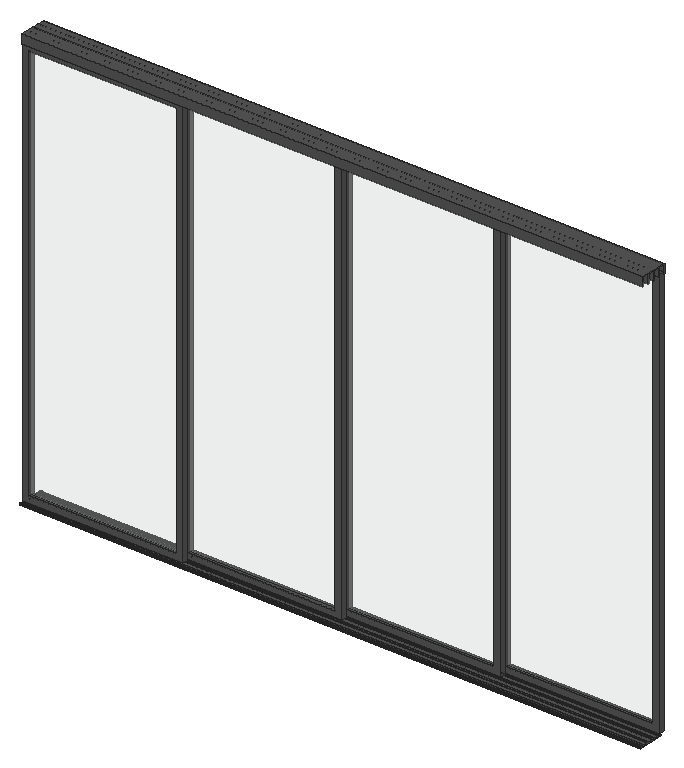
Revit family "Door_FTS RD_The Sliding Door Company_1.5F 4-Panel Quad Track (Recessed Bottom)", category Doors, host Wall, Revit 2019
Family settings
  Host = Wall
  OmniClass Number = 23.30.10.00
  OmniClass Title = Doors
  Always vertical = Yes
  Cut with Voids When Loaded = No
  Shared = No
  Room Calculation Point = No
Parameters (values of type "FTS Room Divider - 1.5F 4 Panel 4 Track - ABCD/DCBA")
  Upper Track Material [instance] = TSDC - Casing/Upper Track - Powder Coated Black
  URL = "https://www.slidingdoorco.com"
  Thickness = 1 1/4"  # constant formula
  Stile/Rail = 1 1/2"  # constant formula
  Rough Width = Finished Opening Width + 5/8" * 2  # 146 1/4"
  Rough Height = Finished Opening Height + 5/8"  # 98 5/8"
  Panel Width = Width / 4 + 1 1/8"  # 37 3/8"
  Panel Height = Height - 2 1/4"  # 96 1/8"
  Open [instance] = no
  Model = "FTS Room Divider - Full Height System"  # constant formula
  Manufacturer = "The Sliding Door Company"  # constant formula
  Limitations = "Panel Width x System Height cannot exceed 7,400 square inches"  # constant formula
  Glass Thickness = "Available in: 5mm Tempered, 7mm,10mm,11mm Laminated Glass"  # constant formula
  Glass Material [instance] = TSDC - Glass - Clear
  Function = Interior
  Height = if(Order Height > 108", 108", Order Height)  # 98 3/8"
  Wall Closure = By host
  Width = if(Finished Opening Width > 195", 195", Finished Opening Width)  # 145"
  Fire Rating = "N/A"  # constant formula
  Finished Opening Width = 145"
  Order Height = 98 3/8"
  Finished Opening Height = Order Height - 3/8"  # 98"
  Door Casing Material [instance] = TSDC - Casing/Upper Track - Powder Coated Black
  Description = "1.5 Frame 4 Panel System with 4 Track (Recessed Bottom)"  # constant formula
  Contact The Sliding Door Company = "https://www.slidingdoorco.com/contact"
  Construction Type = "Top Mounted, Recessed Bottom Track"  # constant formula
  Configuration = "ABCD/DCBA Configuration"  # constant formula
  Closed [instance] = not(Open)  # yes
  Bottom Track Material [instance] = TSDC - Bottom Track - Powder Coated Black
  Analytic Construction = "<None>"
  1 1/2" Frame (No Support Dividers) = "Max. H=108 in., Max. W=195 in. (50 in. panel width)"  # constant formula
Reference planes (in)
  plane 1 "Center (Front/Back)": y = 0
  plane 2 "Center (Left/Right)": x = 0
  plane 3 "Top": z = 98
  plane 4 "Exterior": y = 3
  plane 5 "Interior": y = -3
  plane 6: x = -72.5
  plane 7: x = 72.5
  plane 8: z = 0.625
  plane 9 "2": z = 96.375
  plane 10 "3": z = 97.25
  plane 11 "Top": z = 96
  plane 12 "2": z = 94.375
  plane 13 "3": z = 95.25
  plane 14 "Top": z = 96
  plane 15 "2": z = 94.375
  plane 16 "3": z = 95.25
  plane 17 "Top": z = 80
  plane 18: x = -50
  plane 19: x = 50
  plane 20 "2": z = 78.375
  plane 21 "3": z = 79.25
  plane 22: x = -36.25
  plane 23: x = 36.25
  plane 24: x = 35.125
  plane 25: x = 36.625
  plane 26: x = -0.75
  plane 27: x = 0.75
  plane 28: x = -36.625
  plane 29: x = -35.125
  plane 30 "4": z = 95.875
  plane 31: z = 0.25
  plane 32: z = -0.375
Forms (in)
  Extrusion 1, solid, material "TSDC - Casing/Upper Track - Powder Coated Black" <- "Upper Track Material"
    sketch origin (0, 1.4043, 0) x (0, 1, 0) y (0, 0, 1)
      loop
        line (1.74219, 98) -> (-4.55078, 98) -> (-4.55078, 95.875) -> (-4.49219, 95.875) -> (-4.49219, 97.94141) -> (-2.99219, 97.94141) -> (-2.99219, 95.875) -> (-2.93359, 95.875) -> (-2.93359, 97.94141) -> (-1.43359, 97.94141) -> (-1.43359, 95.875) -> (-1.375, 95.875) -> (-1.375, 97.94141) -> (0.125, 97.94141) -> (0.125, 95.875) -> (0.18359, 95.875) -> (0.18359, 97.94141) -> (1.68359, 97.94141) -> (1.68359, 95.875) -> (1.74219, 95.875) -> (1.74219, 98)
    from -72.5 to 72.5
  Extrusion 2, solid, material "TSDC - Casing/Upper Track - Powder Coated Black" <- "Door Casing Material", visible <- "Closed"
    sketch origin (47.66587, 2.96289, 0) x (1, 0, 0) y (0, 0, 1)
      loop
        line (24.83413, 96.375) -> (-12.54087, 96.375) -> (-12.54087, 0.25) -> (24.83413, 0.25) -> (24.83413, 96.375)
      loop
        line (23.33413, 94.875) -> (-11.04087, 94.875) -> (-11.04087, 1.75) -> (23.33413, 1.75) -> (23.33413, 94.875)
    from 0 to 1.25
  Extrusion 3, solid, material "TSDC - Glass - Clear" <- "Glass Material", visible <- "Closed"
    sketch origin (47.66587, 2.46289, 0) x (1, 0, 0) y (0, 0, 1)
      loop
        line (23.33413, 94.875) -> (-11.04087, 94.875) -> (-11.04087, 1.75) -> (23.33413, 1.75) -> (23.33413, 94.875)
    from 0 to 0.25
  Extrusion 4, solid, material "TSDC - Casing/Upper Track - Powder Coated Black", not visible
    sketch origin (0, 0.8784, 0.00198) x (0, 1, 0) y (0, 0, 1)
      loop
        line (1.17662, -0.00198) -> (1.7466, -0.00198) -> (1.7466, 0.11422) -> (1.63872, 0.16601) -> (1.5898, 0.16) -> (1.58595, 0.19134) -> (1.49638, 0.23434) -> (1.44746, 0.22833) -> (1.44362, 0.25967) -> (1.35493, 0.30224) -> (1.30601, 0.29623) -> (1.30216, 0.32757) -> (1.21825, 0.36785)
        arc (1.21825, 0.36785) -> (1.19583, 0.37043) -> (1.17662, 0.35859) r 0.03449
        line (1.17662, 0.35859) -> (1.17662, 0.26961) -> (1.14379, 0.26961) -> (1.14379, 0.30227) -> (1.11271, 0.30227) -> (1.11271, 0.05752) -> (1.14379, 0.05752) -> (1.14379, 0.08934) -> (1.17662, 0.08934) -> (1.17662, -0.00198)
      loop
        line (1.6966, 0.05) -> (1.6966, 0.08276) -> (1.2346, 0.30454) -> (1.2346, 0.05) -> (1.6966, 0.05)
    from -50 to 50
  Extrusion 5, solid, material "TSDC - Casing/Upper Track - Powder Coated Black", not visible
    sketch origin (0, 0.8784, 0.00198) x (0, 1, 0) y (0, 0, 1)
      loop
        arc (1.17662, 0.34104) -> (1.17081, 0.35508) -> (1.15677, 0.36093) r 0.01985
        line (1.15677, 0.36093) -> (1.07541, 0.36093)
        arc (1.07541, 0.36093) -> (1.06136, 0.3551) -> (1.05556, 0.34103) r 0.01985
        line (1.05556, 0.34103) -> (1.05556, 0.20299) -> (0.9831, 0.20299) -> (0.9831, 0.28602)
        arc (0.9831, 0.28602) -> (0.87384, 0.39506) -> (0.76472, 0.28588) r 0.10919
        line (0.76472, 0.28588) -> (0.82428, 0.28588)
        arc (0.82428, 0.28588) -> (0.87397, 0.3355) -> (0.92354, 0.28575) r 0.04963
        line (0.92354, 0.28575) -> (0.92354, 0.14753) -> (1.05556, 0.10767) -> (1.05556, 0.05757) -> (0.38753, 0.05757) -> (0.38753, 0.36093) -> (-0.56932, 0.36093) -> (-0.56932, 0.20299) -> (-0.64178, 0.20299) -> (-0.64178, 0.28602)
        arc (-0.64178, 0.28602) -> (-0.75104, 0.39506) -> (-0.86016, 0.28588) r 0.10919
        line (-0.86016, 0.28588) -> (-0.8006, 0.28588)
        arc (-0.8006, 0.28588) -> (-0.75091, 0.3355) -> (-0.70134, 0.28575) r 0.04963
        line (-0.70134, 0.28575) -> (-0.70134, 0.14753) -> (-0.56932, 0.10767) -> (-0.56932, 0.05757) -> (-1.23735, 0.05757) -> (-1.23735, 0.36093) -> (-2.19421, 0.36093) -> (-2.19421, 0.20299) -> (-2.26667, 0.20299) -> (-2.26667, 0.28602)
        arc (-2.26667, 0.28602) -> (-2.37592, 0.39506) -> (-2.48504, 0.28588) r 0.10919
        line (-2.48504, 0.28588) -> (-2.42548, 0.28588)
        arc (-2.42548, 0.28588) -> (-2.37579, 0.3355) -> (-2.32622, 0.28575) r 0.04963
        line (-2.32622, 0.28575) -> (-2.32622, 0.14753) -> (-2.19421, 0.10767) -> (-2.19421, 0.05757) -> (-2.86223, 0.05757) -> (-2.86223, 0.34103)
        arc (-2.86223, 0.34103) -> (-2.86803, 0.3551) -> (-2.88208, 0.36093) r 0.01985
        line (-2.88208, 0.36093) -> (-2.96344, 0.36093)
        arc (-2.96344, 0.36093) -> (-2.97751, 0.35509) -> (-2.9833, 0.341) r 0.01985
        line (-2.9833, 0.341) -> (-2.9833, 0.26961) -> (-2.95059, 0.26961) -> (-2.95059, 0.30227) -> (-2.91939, 0.30227) -> (-2.91939, 0.05752) -> (-2.95046, 0.05752) -> (-2.95046, 0.08934) -> (-2.9833, 0.08934) -> (-2.9833, -0.00198) -> (-2.13705, -0.00198) -> (-2.10598, 0.05752) -> (-2.13705, 0.05752) -> (-2.13705, 0.30227) -> (-1.29451, 0.30227) -> (-1.29451, 0.05752) -> (-1.32558, 0.05752) -> (-1.29451, -0.00198) -> (-0.51217, -0.00198) -> (-0.4811, 0.05752) -> (-0.51217, 0.05752) -> (-0.51217, 0.30227) -> (0.33038, 0.30227) -> (0.33038, 0.05752) -> (0.2993, 0.05752) -> (0.33038, -0.00198) -> (1.17662, -0.00198) -> (1.17662, 0.08934) -> (1.14379, 0.08934) -> (1.14379, 0.05752) -> (1.11271, 0.05752) -> (1.11271, 0.30227) -> (1.14379, 0.30227) -> (1.14379, 0.26961) -> (1.17662, 0.26961) -> (1.17662, 0.34104)
    from -50 to 50
  Extrusion 6, solid, material "TSDC - Casing/Upper Track - Powder Coated Black", not visible
    sketch origin (0, -0.92827, 0.00198) x (0, -1, 0) y (0, 0, -1)
      loop
        line (1.17662, 0.00198) -> (1.17662, -0.08934) -> (1.14379, -0.08934) -> (1.14379, -0.05752) -> (1.11271, -0.05752) -> (1.11271, -0.30227) -> (1.14379, -0.30227) -> (1.14379, -0.26961) -> (1.17662, -0.26961) -> (1.17662, -0.35859)
        arc (1.17662, -0.35859) -> (1.19583, -0.37043) -> (1.21825, -0.36785) r 0.03449
        line (1.21825, -0.36785) -> (1.30216, -0.32757) -> (1.30601, -0.29623) -> (1.35493, -0.30224) -> (1.44362, -0.25967) -> (1.44746, -0.22833) -> (1.49638, -0.23434) -> (1.58595, -0.19134) -> (1.5898, -0.16) -> (1.63872, -0.16601) -> (1.7466, -0.11422) -> (1.7466, 0.00198) -> (1.17662, 0.00198)
      loop
        line (1.6966, -0.05) -> (1.2346, -0.05) -> (1.2346, -0.30454) -> (1.6966, -0.08276) -> (1.6966, -0.05)
    from -50 to 50
  Extrusion 7, solid, material "TSDC - Casing/Upper Track - Powder Coated Black", not visible
    sketch origin (0, 1.25781, 0) x (0, 1, 0) y (0, 0, 1)
      loop
        line (1.74219, 96) -> (-2.99219, 96) -> (-2.99219, 93.875) -> (-2.93359, 93.875) -> (-2.93359, 95.94141) -> (-1.43359, 95.94141) -> (-1.43359, 93.875) -> (-1.375, 93.875) -> (-1.375, 95.94141) -> (0.125, 95.94141) -> (0.125, 93.875) -> (0.18359, 93.875) -> (0.18359, 95.94141) -> (1.68359, 95.94141) -> (1.68359, 93.875) -> (1.74219, 93.875) -> (1.74219, 96)
    from -50 to 50
  Extrusion 8, solid, material "TSDC - Casing/Upper Track - Powder Coated Black", visible <- "Open", not visible
    sketch origin (-18.0008, 2.81641, 0) x (1, 0, 0) y (0, 0, 1)
      loop
        line (2.33413, 94.375) -> (-31.9992, 94.375) -> (-31.9992, 0.625) -> (2.33413, 0.625) -> (2.33413, 94.375)
      loop
        line (0.83413, 92.875) -> (-30.4992, 92.875) -> (-30.4992, 2.125) -> (0.83413, 2.125) -> (0.83413, 92.875)
    from 0 to 1.25
  Extrusion 9, solid, material "TSDC - Glass - Clear", visible <- "Open", not visible
    sketch origin (-18.0008, 2.31641, 0) x (1, 0, 0) y (0, 0, 1)
      loop
        line (0.83413, 92.875) -> (-30.4992, 92.875) -> (-30.4992, 2.125) -> (0.83413, 2.125) -> (0.83413, 92.875)
    from 0 to 0.25
  Extrusion 10, solid, material "TSDC - Casing/Upper Track - Powder Coated Black", visible <- "Open", not visible
    sketch origin (-44.66746, 1.25781, 0) x (1, 0, 0) y (0, 0, 1)
      loop
        line (29.0008, 94.375) -> (-5.33254, 94.375) -> (-5.33254, 0.625) -> (29.0008, 0.625) -> (29.0008, 94.375)
      loop
        line (27.5008, 92.875) -> (-3.83254, 92.875) -> (-3.83254, 2.125) -> (27.5008, 2.125) -> (27.5008, 92.875)
    from 0 to 1.25
  Extrusion 11, solid, material "TSDC - Glass - Clear", visible <- "Open", not visible
    sketch origin (-44.66746, 0.75781, 0) x (1, 0, 0) y (0, 0, 1)
      loop
        line (27.5008, 92.875) -> (-3.83254, 92.875) -> (-3.83254, 2.125) -> (27.5008, 2.125) -> (27.5008, 92.875)
    from 0 to 0.25
  Extrusion 12, solid, material "TSDC - Casing/Upper Track - Powder Coated Black", visible <- "Open", not visible
    sketch origin (-71.33413, -0.30078, 0) x (1, 0, 0) y (0, 0, 1)
      loop
        line (55.66746, 94.375) -> (21.33413, 94.375) -> (21.33413, 0.625) -> (55.66746, 0.625) -> (55.66746, 94.375)
      loop
        line (54.16746, 92.875) -> (22.83413, 92.875) -> (22.83413, 2.125) -> (54.16746, 2.125) -> (54.16746, 92.875)
    from 0 to 1.25
  Extrusion 13, solid, material "TSDC - Glass - Clear", visible <- "Open", not visible
    sketch origin (-71.33413, -0.80078, 0) x (1, 0, 0) y (0, 0, 1)
      loop
        line (54.16746, 92.875) -> (22.83413, 92.875) -> (22.83413, 2.125) -> (54.16746, 2.125) -> (54.16746, 92.875)
    from 0 to 0.25
  Extrusion 14, solid, material "TSDC - Casing/Upper Track - Powder Coated Black", visible <- "Closed", not visible
    sketch origin (-11.83413, 1.25781, 0) x (1, 0, 0) y (0, 0, 1)
      loop
        line (29.0008, 94.375) -> (-5.33254, 94.375) -> (-5.33254, 0.625) -> (29.0008, 0.625) -> (29.0008, 94.375)
      loop
        line (27.5008, 92.875) -> (-3.83254, 92.875) -> (-3.83254, 2.125) -> (27.5008, 2.125) -> (27.5008, 92.875)
    from 0 to 1.25
  Extrusion 15, solid, material "TSDC - Glass - Clear", visible <- "Closed", not visible
    sketch origin (-11.83413, 0.75781, 0) x (1, 0, 0) y (0, 0, 1)
      loop
        line (27.5008, 92.875) -> (-3.83254, 92.875) -> (-3.83254, 2.125) -> (27.5008, 2.125) -> (27.5008, 92.875)
    from 0 to 0.25
  Extrusion 16, solid, material "TSDC - Casing/Upper Track - Powder Coated Black", visible <- "Closed", not visible
    sketch origin (47.66587, 2.81641, 0) x (1, 0, 0) y (0, 0, 1)
      loop
        line (2.33413, 94.375) -> (-31.9992, 94.375) -> (-31.9992, 0.625) -> (2.33413, 0.625) -> (2.33413, 94.375)
      loop
        line (0.83413, 92.875) -> (-30.4992, 92.875) -> (-30.4992, 2.125) -> (0.83413, 2.125) -> (0.83413, 92.875)
    from 0 to 1.25
  Extrusion 17, solid, material "TSDC - Glass - Clear", visible <- "Closed", not visible
    sketch origin (47.66587, 2.31641, 0) x (1, 0, 0) y (0, 0, 1)
      loop
        line (0.83413, 92.875) -> (-30.4992, 92.875) -> (-30.4992, 2.125) -> (0.83413, 2.125) -> (0.83413, 92.875)
    from 0 to 0.25
  Extrusion 18, solid, material "TSDC - Casing/Upper Track - Powder Coated Black", visible <- "Closed", not visible
    sketch origin (-71.33413, -0.30078, 0) x (1, 0, 0) y (0, 0, 1)
      loop
        line (55.66746, 94.375) -> (21.33413, 94.375) -> (21.33413, 0.625) -> (55.66746, 0.625) -> (55.66746, 94.375)
      loop
        line (54.16746, 92.875) -> (22.83413, 92.875) -> (22.83413, 2.125) -> (54.16746, 2.125) -> (54.16746, 92.875)
    from 0 to 1.25
  Extrusion 19, solid, material "TSDC - Glass - Clear", visible <- "Closed", not visible
    sketch origin (-71.33413, -0.80078, 0) x (1, 0, 0) y (0, 0, 1)
      loop
        line (54.16746, 92.875) -> (22.83413, 92.875) -> (22.83413, 2.125) -> (54.16746, 2.125) -> (54.16746, 92.875)
    from 0 to 0.25
  Extrusion 20, solid, material "TSDC - Casing/Upper Track - Powder Coated Black", not visible
    sketch origin (0, 1.25781, 0) x (0, 1, 0) y (0, 0, 1)
      loop
        line (1.74219, 96) -> (-2.99219, 96) -> (-2.99219, 93.875) -> (-2.93359, 93.875) -> (-2.93359, 95.94141) -> (-1.43359, 95.94141) -> (-1.43359, 93.875) -> (-1.375, 93.875) -> (-1.375, 95.94141) -> (0.125, 95.94141) -> (0.125, 93.875) -> (0.18359, 93.875) -> (0.18359, 95.94141) -> (1.68359, 95.94141) -> (1.68359, 93.875) -> (1.74219, 93.875) -> (1.74219, 96)
    from -50 to 50
  Extrusion 21, solid, material "TSDC - Casing/Upper Track - Powder Coated Black", not visible
    sketch origin (0, 1.25781, 0) x (0, 1, 0) y (0, 0, 1)
      loop
        line (1.74219, 96) -> (-2.99219, 96) -> (-2.99219, 93.875) -> (-2.93359, 93.875) -> (-2.93359, 95.94141) -> (-1.43359, 95.94141) -> (-1.43359, 93.875) -> (-1.375, 93.875) -> (-1.375, 95.94141) -> (0.125, 95.94141) -> (0.125, 93.875) -> (0.18359, 93.875) -> (0.18359, 95.94141) -> (1.68359, 95.94141) -> (1.68359, 93.875) -> (1.74219, 93.875) -> (1.74219, 96)
    from -50 to 50
  Extrusion 22, solid, material "TSDC - Casing/Upper Track - Powder Coated Black", not visible
    sketch origin (0, 1.25781, 0) x (0, 1, 0) y (0, 0, 1)
      loop
        line (1.74219, 96) -> (-2.99219, 96) -> (-2.99219, 93.875) -> (-2.93359, 93.875) -> (-2.93359, 95.94141) -> (-1.43359, 95.94141) -> (-1.43359, 93.875) -> (-1.375, 93.875) -> (-1.375, 95.94141) -> (0.125, 95.94141) -> (0.125, 93.875) -> (0.18359, 93.875) -> (0.18359, 95.94141) -> (1.68359, 95.94141) -> (1.68359, 93.875) -> (1.74219, 93.875) -> (1.74219, 96)
    from -50 to 50
  Extrusion 23, solid, material "TSDC - Casing/Upper Track - Powder Coated Black", not visible
    sketch origin (0, 0.8784, 0.00198) x (0, 1, 0) y (0, 0, 1)
      loop
        line (1.17662, -0.00198) -> (1.7466, -0.00198) -> (1.7466, 0.11422) -> (1.63872, 0.16601) -> (1.5898, 0.16) -> (1.58595, 0.19134) -> (1.49638, 0.23434) -> (1.44746, 0.22833) -> (1.44362, 0.25967) -> (1.35493, 0.30224) -> (1.30601, 0.29623) -> (1.30216, 0.32757) -> (1.21825, 0.36785)
        arc (1.21825, 0.36785) -> (1.19583, 0.37043) -> (1.17662, 0.35859) r 0.03449
        line (1.17662, 0.35859) -> (1.17662, 0.26961) -> (1.14379, 0.26961) -> (1.14379, 0.30227) -> (1.11271, 0.30227) -> (1.11271, 0.05752) -> (1.14379, 0.05752) -> (1.14379, 0.08934) -> (1.17662, 0.08934) -> (1.17662, -0.00198)
      loop
        line (1.6966, 0.05) -> (1.6966, 0.08276) -> (1.2346, 0.30454) -> (1.2346, 0.05) -> (1.6966, 0.05)
    from -50 to 50
  Extrusion 24, solid, material "TSDC - Casing/Upper Track - Powder Coated Black", not visible
    sketch origin (0, 0.8784, 0.00198) x (0, 1, 0) y (0, 0, 1)
      loop
        arc (1.17662, 0.34104) -> (1.17081, 0.35508) -> (1.15677, 0.36093) r 0.01985
        line (1.15677, 0.36093) -> (1.07541, 0.36093)
        arc (1.07541, 0.36093) -> (1.06136, 0.3551) -> (1.05556, 0.34103) r 0.01985
        line (1.05556, 0.34103) -> (1.05556, 0.20299) -> (0.9831, 0.20299) -> (0.9831, 0.28602)
        arc (0.9831, 0.28602) -> (0.87384, 0.39506) -> (0.76472, 0.28588) r 0.10919
        line (0.76472, 0.28588) -> (0.82428, 0.28588)
        arc (0.82428, 0.28588) -> (0.87397, 0.3355) -> (0.92354, 0.28575) r 0.04963
        line (0.92354, 0.28575) -> (0.92354, 0.14753) -> (1.05556, 0.10767) -> (1.05556, 0.05757) -> (0.38753, 0.05757) -> (0.38753, 0.36093) -> (-0.56932, 0.36093) -> (-0.56932, 0.20299) -> (-0.64178, 0.20299) -> (-0.64178, 0.28602)
        arc (-0.64178, 0.28602) -> (-0.75104, 0.39506) -> (-0.86016, 0.28588) r 0.10919
        line (-0.86016, 0.28588) -> (-0.8006, 0.28588)
        arc (-0.8006, 0.28588) -> (-0.75091, 0.3355) -> (-0.70134, 0.28575) r 0.04963
        line (-0.70134, 0.28575) -> (-0.70134, 0.14753) -> (-0.56932, 0.10767) -> (-0.56932, 0.05757) -> (-1.23735, 0.05757) -> (-1.23735, 0.36093) -> (-2.19421, 0.36093) -> (-2.19421, 0.20299) -> (-2.26667, 0.20299) -> (-2.26667, 0.28602)
        arc (-2.26667, 0.28602) -> (-2.37592, 0.39506) -> (-2.48504, 0.28588) r 0.10919
        line (-2.48504, 0.28588) -> (-2.42548, 0.28588)
        arc (-2.42548, 0.28588) -> (-2.37579, 0.3355) -> (-2.32622, 0.28575) r 0.04963
        line (-2.32622, 0.28575) -> (-2.32622, 0.14753) -> (-2.19421, 0.10767) -> (-2.19421, 0.05757) -> (-2.86223, 0.05757) -> (-2.86223, 0.34103)
        arc (-2.86223, 0.34103) -> (-2.86803, 0.3551) -> (-2.88208, 0.36093) r 0.01985
        line (-2.88208, 0.36093) -> (-2.96344, 0.36093)
        arc (-2.96344, 0.36093) -> (-2.97751, 0.35509) -> (-2.9833, 0.341) r 0.01985
        line (-2.9833, 0.341) -> (-2.9833, 0.26961) -> (-2.95059, 0.26961) -> (-2.95059, 0.30227) -> (-2.91939, 0.30227) -> (-2.91939, 0.05752) -> (-2.95046, 0.05752) -> (-2.95046, 0.08934) -> (-2.9833, 0.08934) -> (-2.9833, -0.00198) -> (-2.13705, -0.00198) -> (-2.10598, 0.05752) -> (-2.13705, 0.05752) -> (-2.13705, 0.30227) -> (-1.29451, 0.30227) -> (-1.29451, 0.05752) -> (-1.32558, 0.05752) -> (-1.29451, -0.00198) -> (-0.51217, -0.00198) -> (-0.4811, 0.05752) -> (-0.51217, 0.05752) -> (-0.51217, 0.30227) -> (0.33038, 0.30227) -> (0.33038, 0.05752) -> (0.2993, 0.05752) -> (0.33038, -0.00198) -> (1.17662, -0.00198) -> (1.17662, 0.08934) -> (1.14379, 0.08934) -> (1.14379, 0.05752) -> (1.11271, 0.05752) -> (1.11271, 0.30227) -> (1.14379, 0.30227) -> (1.14379, 0.26961) -> (1.17662, 0.26961) -> (1.17662, 0.34104)
    from -50 to 50
  Extrusion 25, solid, material "TSDC - Casing/Upper Track - Powder Coated Black", not visible
    sketch origin (0, -0.92827, 0.00198) x (0, -1, 0) y (0, 0, -1)
      loop
        line (1.17662, 0.00198) -> (1.17662, -0.08934) -> (1.14379, -0.08934) -> (1.14379, -0.05752) -> (1.11271, -0.05752) -> (1.11271, -0.30227) -> (1.14379, -0.30227) -> (1.14379, -0.26961) -> (1.17662, -0.26961) -> (1.17662, -0.35859)
        arc (1.17662, -0.35859) -> (1.19583, -0.37043) -> (1.21825, -0.36785) r 0.03449
        line (1.21825, -0.36785) -> (1.30216, -0.32757) -> (1.30601, -0.29623) -> (1.35493, -0.30224) -> (1.44362, -0.25967) -> (1.44746, -0.22833) -> (1.49638, -0.23434) -> (1.58595, -0.19134) -> (1.5898, -0.16) -> (1.63872, -0.16601) -> (1.7466, -0.11422) -> (1.7466, 0.00198) -> (1.17662, 0.00198)
      loop
        line (1.6966, -0.05) -> (1.2346, -0.05) -> (1.2346, -0.30454) -> (1.6966, -0.08276) -> (1.6966, -0.05)
    from -50 to 50
  Extrusion 26, solid, material "TSDC - Casing/Upper Track - Powder Coated Black", not visible
    sketch origin (0, 1.25781, -16) x (0, 1, 0) y (0, 0, 1)
      loop
        line (1.74219, 96) -> (-2.99219, 96) -> (-2.99219, 93.875) -> (-2.93359, 93.875) -> (-2.93359, 95.94141) -> (-1.43359, 95.94141) -> (-1.43359, 93.875) -> (-1.375, 93.875) -> (-1.375, 95.94141) -> (0.125, 95.94141) -> (0.125, 93.875) -> (0.18359, 93.875) -> (0.18359, 95.94141) -> (1.68359, 95.94141) -> (1.68359, 93.875) -> (1.74219, 93.875) -> (1.74219, 96)
    from -50 to 50
  Extrusion 27, solid, material "TSDC - Casing/Upper Track - Powder Coated Black" <- "Door Casing Material", visible <- "Closed"
    sketch origin (23.04087, 1.4043, 0) x (1, 0, 0) y (0, 0, 1)
      loop
        line (13.58413, 96.375) -> (-23.79087, 96.375) -> (-23.79087, 0.25) -> (13.58413, 0.25) -> (13.58413, 96.375)
      loop
        line (12.08413, 94.875) -> (-22.29087, 94.875) -> (-22.29087, 1.75) -> (12.08413, 1.75) -> (12.08413, 94.875)
    from 0 to 1.25
  Extrusion 28, solid, material "TSDC - Glass - Clear" <- "Glass Material", visible <- "Closed"
    sketch origin (23.04087, 0.9043, 0) x (1, 0, 0) y (0, 0, 1)
      loop
        line (12.08413, 94.875) -> (-22.29087, 94.875) -> (-22.29087, 1.75) -> (12.08413, 1.75) -> (12.08413, 94.875)
    from 0 to 0.25
  Extrusion 29, solid, material "TSDC - Casing/Upper Track - Powder Coated Black" <- "Door Casing Material", visible <- "Closed"
    sketch origin (-1.58413, -0.1543, 0) x (1, 0, 0) y (0, 0, 1)
      loop
        line (2.33413, 96.375) -> (-35.04087, 96.375) -> (-35.04087, 0.25) -> (2.33413, 0.25) -> (2.33413, 96.375)
      loop
        line (0.83413, 94.875) -> (-33.54087, 94.875) -> (-33.54087, 1.75) -> (0.83413, 1.75) -> (0.83413, 94.875)
    from 0 to 1.25
  Extrusion 30, solid, material "TSDC - Glass - Clear" <- "Glass Material", visible <- "Closed"
    sketch origin (-1.58413, -0.6543, 0) x (1, 0, 0) y (0, 0, 1)
      loop
        line (0.83413, 94.875) -> (-33.54087, 94.875) -> (-33.54087, 1.75) -> (0.83413, 1.75) -> (0.83413, 94.875)
    from 0 to 0.25
  Extrusion 31, solid, material "TSDC - Casing/Upper Track - Powder Coated Black" <- "Door Casing Material", visible <- "Closed"
    sketch origin (-26.20913, -1.71289, 0) x (1, 0, 0) y (0, 0, 1)
      loop
        line (-8.91587, 96.375) -> (-46.29087, 96.375) -> (-46.29087, 0.25) -> (-8.91587, 0.25) -> (-8.91587, 96.375)
      loop
        line (-10.41587, 94.875) -> (-44.79087, 94.875) -> (-44.79087, 1.75) -> (-10.41587, 1.75) -> (-10.41587, 94.875)
    from 0 to 1.25
  Extrusion 32, solid, material "TSDC - Glass - Clear" <- "Glass Material", visible <- "Closed"
    sketch origin (-26.20913, -2.21289, 0) x (1, 0, 0) y (0, 0, 1)
      loop
        line (-10.41587, 94.875) -> (-44.79087, 94.875) -> (-44.79087, 1.75) -> (-10.41587, 1.75) -> (-10.41587, 94.875)
    from 0 to 0.25
  Extrusion 33, solid, material "TSDC - Casing/Upper Track - Powder Coated Black" <- "Door Casing Material", visible <- "Open"
    sketch origin (-41.20913, 2.96289, 0) x (1, 0, 0) y (0, 0, 1)
      loop
        line (6.08413, 96.375) -> (-31.29087, 96.375) -> (-31.29087, 0.25) -> (6.08413, 0.25) -> (6.08413, 96.375)
      loop
        line (4.58413, 94.875) -> (-29.79087, 94.875) -> (-29.79087, 1.75) -> (4.58413, 1.75) -> (4.58413, 94.875)
    from 0 to 1.25
  Extrusion 34, solid, material "TSDC - Glass - Clear" <- "Glass Material", visible <- "Open"
    sketch origin (-41.20913, 2.46289, 0) x (1, 0, 0) y (0, 0, 1)
      loop
        line (4.58413, 94.875) -> (-29.79087, 94.875) -> (-29.79087, 1.75) -> (4.58413, 1.75) -> (4.58413, 94.875)
    from 0 to 0.25
  Extrusion 35, solid, material "TSDC - Casing/Upper Track - Powder Coated Black" <- "Door Casing Material", visible <- "Open"
    sketch origin (-41.20913, 1.4043, 0) x (1, 0, 0) y (0, 0, 1)
      loop
        line (6.08413, 96.375) -> (-31.29087, 96.375) -> (-31.29087, 0.25) -> (6.08413, 0.25) -> (6.08413, 96.375)
      loop
        line (4.58413, 94.875) -> (-29.79087, 94.875) -> (-29.79087, 1.75) -> (4.58413, 1.75) -> (4.58413, 94.875)
    from 0 to 1.25
  Extrusion 36, solid, material "TSDC - Glass - Clear" <- "Glass Material", visible <- "Open"
    sketch origin (-41.20913, 0.9043, 0) x (1, 0, 0) y (0, 0, 1)
      loop
        line (4.58413, 94.875) -> (-29.79087, 94.875) -> (-29.79087, 1.75) -> (4.58413, 1.75) -> (4.58413, 94.875)
    from 0 to 0.25
  Extrusion 37, solid, material "TSDC - Casing/Upper Track - Powder Coated Black" <- "Door Casing Material", visible <- "Open"
    sketch origin (-41.20913, -0.1543, 0) x (1, 0, 0) y (0, 0, 1)
      loop
        line (6.08413, 96.375) -> (-31.29087, 96.375) -> (-31.29087, 0.25) -> (6.08413, 0.25) -> (6.08413, 96.375)
      loop
        line (4.58413, 94.875) -> (-29.79087, 94.875) -> (-29.79087, 1.75) -> (4.58413, 1.75) -> (4.58413, 94.875)
    from 0 to 1.25
  Extrusion 38, solid, material "TSDC - Glass - Clear" <- "Glass Material", visible <- "Open"
    sketch origin (-41.20913, -0.6543, 0) x (1, 0, 0) y (0, 0, 1)
      loop
        line (4.58413, 94.875) -> (-29.79087, 94.875) -> (-29.79087, 1.75) -> (4.58413, 1.75) -> (4.58413, 94.875)
    from 0 to 0.25
  Extrusion 39, solid, material "TSDC - Casing/Upper Track - Powder Coated Black" <- "Door Casing Material", visible <- "Open"
    sketch origin (-41.20913, -1.71289, 0) x (1, 0, 0) y (0, 0, 1)
      loop
        line (6.08413, 96.375) -> (-31.29087, 96.375) -> (-31.29087, 0.25) -> (6.08413, 0.25) -> (6.08413, 96.375)
      loop
        line (4.58413, 94.875) -> (-29.79087, 94.875) -> (-29.79087, 1.75) -> (4.58413, 1.75) -> (4.58413, 94.875)
    from 0 to 1.25
  Extrusion 40, solid, material "TSDC - Glass - Clear" <- "Glass Material", visible <- "Open"
    sketch origin (-41.20913, -2.21289, 0) x (1, 0, 0) y (0, 0, 1)
      loop
        line (4.58413, 94.875) -> (-29.79087, 94.875) -> (-29.79087, 1.75) -> (4.58413, 1.75) -> (4.58413, 94.875)
    from 0 to 0.25
  Extrusion 41, solid, material "TSDC - Bottom Track - Powder Coated Black" <- "Bottom Track Material"
    sketch origin (0, 1.02489, -0.37302) x (0, 1, 0) y (0, 0, 1)
      loop
        arc (1.03014, 0.34104) -> (1.02432, 0.35508) -> (1.01029, 0.36089) r 0.01985
        line (1.01029, 0.36089) -> (0.92892, 0.36093)
        arc (0.92892, 0.36093) -> (0.91487, 0.3551) -> (0.90907, 0.34103) r 0.01985
        line (0.90907, 0.34103) -> (0.90907, 0.20299) -> (0.83661, 0.20299) -> (0.83661, 0.28602)
        arc (0.83661, 0.28602) -> (0.72736, 0.39506) -> (0.61824, 0.28588) r 0.10919
        line (0.61824, 0.28588) -> (0.6778, 0.28588)
        arc (0.6778, 0.28588) -> (0.72749, 0.3355) -> (0.77706, 0.28575) r 0.04963
        line (0.77706, 0.28575) -> (0.77706, 0.14753) -> (0.90907, 0.10767) -> (0.90907, 0.05757) -> (0.24105, 0.05757) -> (0.24105, 0.36093) -> (-0.71581, 0.36093) -> (-0.71581, 0.20299) -> (-0.78827, 0.20299) -> (-0.78827, 0.28602)
        arc (-0.78827, 0.28602) -> (-0.89752, 0.39506) -> (-1.00664, 0.28588) r 0.10919
        line (-1.00664, 0.28588) -> (-0.94709, 0.28588)
        arc (-0.94709, 0.28588) -> (-0.89739, 0.3355) -> (-0.84783, 0.28575) r 0.04963
        line (-0.84783, 0.28575) -> (-0.84783, 0.14753) -> (-0.71581, 0.10767) -> (-0.71581, 0.05757) -> (-1.38383, 0.05757) -> (-1.38383, 0.36093) -> (-2.34069, 0.36093) -> (-2.34069, 0.20299) -> (-2.41315, 0.20299) -> (-2.41315, 0.28602)
        arc (-2.41315, 0.28602) -> (-2.52241, 0.39506) -> (-2.63152, 0.28588) r 0.10919
        line (-2.63152, 0.28588) -> (-2.57197, 0.28588)
        arc (-2.57197, 0.28588) -> (-2.52227, 0.3355) -> (-2.47271, 0.28575) r 0.04963
        line (-2.47271, 0.28575) -> (-2.47271, 0.14753) -> (-2.34069, 0.10767) -> (-2.34069, 0.05757) -> (-3.00871, 0.05757) -> (-3.00871, 0.36093) -> (-3.96557, 0.36093) -> (-3.96557, 0.05757) -> (-4.6336, 0.05757) -> (-4.6336, 0.10767) -> (-4.50158, 0.14753) -> (-4.50158, 0.28575)
        arc (-4.50158, 0.28575) -> (-4.45201, 0.3355) -> (-4.40232, 0.28588) r 0.04963
        line (-4.40232, 0.28588) -> (-4.34276, 0.28588)
        arc (-4.34276, 0.28588) -> (-4.45188, 0.39506) -> (-4.56114, 0.28602) r 0.10919
        line (-4.56114, 0.28602) -> (-4.56114, 0.20299) -> (-4.6336, 0.20299) -> (-4.6336, 0.34103)
        arc (-4.6336, 0.34103) -> (-4.63939, 0.3551) -> (-4.65345, 0.36093) r 0.01985
        line (-4.65345, 0.36093) -> (-4.73481, 0.36093)
        arc (-4.73481, 0.36093) -> (-4.74885, 0.35508) -> (-4.75466, 0.34104) r 0.01985
        line (-4.75466, 0.34104) -> (-4.75466, 0.26961) -> (-4.72182, 0.26961) -> (-4.72182, 0.30227) -> (-4.69075, 0.30227) -> (-4.69075, 0.05752) -> (-4.72182, 0.05752) -> (-4.72182, 0.08934) -> (-4.75466, 0.08934) -> (-4.75466, -0.00198) -> (-3.90841, -0.00198) -> (-3.87734, 0.05752) -> (-3.90841, 0.05752) -> (-3.90841, 0.30227) -> (-3.06587, 0.30227) -> (-3.06587, 0.05752) -> (-3.09694, 0.05752) -> (-3.06587, -0.00198) -> (-2.28353, -0.00198) -> (-2.25246, 0.05752) -> (-2.28353, 0.05752) -> (-2.28353, 0.30227) -> (-1.44099, 0.30227) -> (-1.44099, 0.05752) -> (-1.47206, 0.05752) -> (-1.44099, -0.00198) -> (-0.65865, -0.00198) -> (-0.62758, 0.05752) -> (-0.65865, 0.05752) -> (-0.65865, 0.30227) -> (0.18389, 0.30227) -> (0.18389, 0.05752) -> (0.15282, 0.05752) -> (0.18389, -0.00198) -> (1.03014, -0.00198) -> (1.03014, 0.08934) -> (0.9973, 0.08934) -> (0.9973, 0.05752) -> (0.96623, 0.05752) -> (0.96623, 0.30227) -> (0.9973, 0.30227) -> (0.9973, 0.26961) -> (1.03014, 0.26961) -> (1.03014, 0.34104)
    from -72.5 to 72.5
Lines and regions (in)
  Opening 1
    outline origin (-60, -3, 0) x (1, 0, 0) y (0, 0, 1)
      loop
        line (132.5, 0) -> (132.5, 98) -> (-12.5, 98) -> (-12.5, 0) -> (132.5, 0)
Text (in)
  text "Exterior" at (-165.54235, 27.31104, 0), in view "Ref. Level"
  text "Interior" at (-165.54235, -25.14366, 0), in view "Ref. Level"
  text "Exterior" at (0, 40.15149, 123.01588), in view "Right"
  text "Interior" at (0, -64.39139, 123.01588), in view "Right"
  text "Interior" at (0, -31.01599, 123.00693), in view "Left"
  text "Exterior" at (0, 54.57065, 123.00693), in view "Left"
Dimensions and locks (in)
  locked: plane 9 "2" to plane 3 "Top" at 1.625
  equal spacing: plane 6, plane 22, plane 2 "Center (Left/Right)", plane 23, plane 7
  locked: plane 10 "3" to plane 3 "Top" at 0.75
  "Stile/Rail": Extrusion 2 to Extrusion 2  (x4)
  "Width": plane 6 to plane 7
  "Stile/Rail": Extrusion 27 to Extrusion 27  (x4)
  "Stile/Rail": Extrusion 29 to Extrusion 29  (x4)
  "Stile/Rail": Extrusion 31 to Extrusion 31  (x4)
  locked: plane 24 to plane 23 at 1.125
  locked: plane 23 to plane 25 at 0.375
  plane 26 to plane 2 "Center (Left/Right)" to plane 27 = 3/4" locked, 3/4" locked
  locked: plane 28 to plane 22 at 0.375
  locked: plane 22 to plane 29 at 1.125
  plane 6 to plane 29 = 37 3/8"
  plane 28 to plane 27 = 37 3/8"
  plane 26 to plane 25 = 37 3/8"
  plane 24 to plane 7 = 37 3/8"
  "Stile/Rail": Extrusion 33 to Extrusion 33  (x4)
  "Stile/Rail": Extrusion 35 to Extrusion 35  (x4)
  "Stile/Rail": Extrusion 37 to Extrusion 37  (x4)
  "Stile/Rail": Extrusion 39 to Extrusion 39  (x4)
  Extrusion 1 to Extrusion 1 to Extrusion 1 to Extrusion 1 to Extrusion 1 to host wall to Extrusion 1 to Extrusion 1 to Extrusion 1 to Extrusion 1 to Extrusion 1 = 15/256" locked, 1 1/2" locked, 15/256" locked, 1 1/2" locked, 0.0293" locked, 0.0293" locked, 1 1/2" locked, 15/256" locked, 1 1/2" locked, 15/256" locked
  locked: plane 30 "4" to plane 3 "Top" at 2.125
  "Height": plane 32 to plane 3 "Top"
  locked: plane 32 to level at 0.375
  locked: Extrusion 41 to plane 1 "Center (Front/Back)" at 2.05503
  Extrusion 41 to Extrusion 41 to Extrusion 41 to Extrusion 41 to Extrusion 41 to Extrusion 41 to Extrusion 41 to Extrusion 41 to Extrusion 41 to Extrusion 41 to Extrusion 41 to Extrusion 41 to Extrusion 41 to Extrusion 41 = 0.78909" locked, 0.05716" locked, 0.84254" locked, 0.05716" locked, 0.66802" locked, 0.05716" locked, 0.84254" locked, 0.05716" locked, 0.66802" locked, 0.05716" locked, 0.84254" locked, 0.05716" locked, 0.78909" locked
  aligned and locked: plane 4 "Exterior" to host wall
  aligned and locked: host wall to plane 5 "Interior"
  aligned and locked: Extrusion 1 to plane 6
  aligned and locked: plane 7 to Extrusion 1
  aligned and locked: Extrusion 3 to Extrusion 2  (x4)
  aligned and locked: Opening 1 sketch curve to Extrusion 1
  aligned and locked: Extrusion 28 to Extrusion 27  (x4)
  aligned and locked: Extrusion 30 to Extrusion 29  (x4)
  aligned and locked: Extrusion 32 to Extrusion 31  (x4)
  aligned and locked: Extrusion 27 to Extrusion 2
  aligned and locked: Extrusion 2 to Extrusion 27  (x2)
  aligned and locked: Extrusion 29 to Extrusion 27
  aligned and locked: Extrusion 31 to Extrusion 29
  aligned and locked: Extrusion 34 to Extrusion 33  (x4)
  aligned and locked: Extrusion 36 to Extrusion 35  (x4)
  aligned and locked: Extrusion 38 to Extrusion 37  (x4)
  aligned and locked: Extrusion 40 to Extrusion 39  (x4)
  aligned and locked: Extrusion 41 to host wall
  aligned and locked: Extrusion 39 to plane 31
  aligned and locked: Extrusion 31 to Extrusion 39
  aligned and locked: Extrusion 37 to Extrusion 31
  aligned and locked: Extrusion 29 to Extrusion 31
  aligned and locked: Extrusion 35 to Extrusion 29
  aligned and locked: Extrusion 27 to Extrusion 29
  aligned and locked: Extrusion 33 to Extrusion 27
  aligned and locked: level to Opening 1 sketch curve
  aligned and locked: plane 3 "Top" to Opening 1 sketch curve
  aligned and locked: Extrusion 41 to plane 6
  aligned and locked: Opening 1 sketch curve to plane 6
Automatic sketch dimensions
  Extrusion 4 sketch curve to Extrusion 4 sketch curve = 0.03107"  (x2)
  Extrusion 4 sketch curve to Extrusion 4 sketch curve = 0.03284"  (x2)
  Extrusion 4 sketch curve to Extrusion 4 sketch curve = 0.0267"
  Extrusion 4 sketch curve to Extrusion 4 sketch curve = 0.01493"
  Extrusion 4 sketch curve to Extrusion 4 sketch curve = 0.05797"
  Extrusion 4 sketch curve to Extrusion 4 sketch curve = 0.06757"
  Extrusion 4 sketch curve to Extrusion 4 sketch curve = 0.00385"  (x3)
  Extrusion 4 sketch curve to Extrusion 4 sketch curve = 0.04892"  (x3)
  Extrusion 4 sketch curve to Extrusion 4 sketch curve = 0.08869"
  Extrusion 4 sketch curve to Extrusion 4 sketch curve = 0.08957"
  Extrusion 4 sketch curve to Extrusion 4 sketch curve = 0.05788"
  Extrusion 4 sketch curve to Extrusion 4 sketch curve = 0.05"
  Extrusion 4 sketch curve to Extrusion 4 sketch curve = 0.03276"
  Extrusion 4 sketch curve to Extrusion 4 sketch curve = 0.03182"
  Extrusion 4 sketch curve to Extrusion 4 sketch curve = 0.03146"
  Extrusion 4 sketch curve to Extrusion 4 sketch curve = 0.00601"  (x3)
  Extrusion 4 sketch curve to Extrusion 4 sketch curve = 0.09824"
  Extrusion 4 sketch curve to Extrusion 4 sketch curve = 0.03266"
  Extrusion 4 sketch curve to Extrusion 4 sketch curve = 0.06331"
  Extrusion 4 sketch curve to Extrusion 4 sketch curve = 0.03109"
  Extrusion 5 sketch curve to Extrusion 5 sketch curve = 0"  (x25)
  Extrusion 5 sketch curve to Extrusion 5 sketch curve = 0.01985"  (x3)
  Extrusion 5 sketch curve to Extrusion 5 sketch curve = 0.03271"
  Extrusion 5 sketch curve to Extrusion 5 sketch curve = 0.03284"  (x3)
  Extrusion 5 sketch curve to Extrusion 5 sketch curve = 0.03107"  (x9)
  Extrusion 5 sketch curve to Extrusion 5 sketch curve = 0.0373"
  Extrusion 5 sketch curve to Extrusion 5 sketch curve = 0.37719"  (x3)
  Extrusion 5 sketch curve to Extrusion 5 sketch curve = 0.05956"  (x6)
  Extrusion 5 sketch curve to Extrusion 5 sketch curve = 0.04963"  (x6)
  Extrusion 5 sketch curve to Extrusion 5 sketch curve = 0.07246"  (x4)
  Extrusion 5 sketch curve to Extrusion 5 sketch curve = 0.05716"  (x5)
  Extrusion 5 sketch curve to Extrusion 5 sketch curve = 0.7804"  (x2)
  Extrusion 5 sketch curve to Extrusion 5 sketch curve = 0.01299"
  Extrusion 5 sketch curve to Extrusion 5 sketch curve = 0.00005"  (x5)
  Extrusion 5 sketch curve to Extrusion 5 sketch curve = 0.03182"  (x2)
  Extrusion 5 sketch curve to Extrusion 5 sketch curve = 0.0501"  (x3)
  Extrusion 5 sketch curve to Extrusion 5 sketch curve = 0.03986"  (x2)
  Extrusion 5 sketch curve to Extrusion 5 sketch curve = 0.09532"  (x2)
  Extrusion 5 sketch curve to Extrusion 5 sketch curve = 0.05547"  (x2)
  Extrusion 5 sketch curve to Extrusion 5 sketch curve = 0.06662"
  Extrusion 5 sketch curve to Extrusion 5 sketch curve = 0.08276"  (x3)
  Extrusion 5 sketch curve to Extrusion 5 sketch curve = 0.00012"  (x3)
  Extrusion 5 sketch curve to Extrusion 5 sketch curve = 0.03266"  (x2)
  Extrusion 5 sketch curve to Extrusion 5 sketch curve = 0.24475"
  Extrusion 5 sketch curve to Extrusion 5 sketch curve = 0.09928"
  Extrusion 5 sketch curve to Extrusion 5 sketch curve = 0.03873"
  Extrusion 5 sketch curve to Extrusion 5 sketch curve = 0.03876"  (x2)
  Extrusion 5 sketch curve to Extrusion 5 sketch curve = 0.03877"
  Extrusion 5 sketch curve to Extrusion 5 sketch curve = 0.00007"
  Extrusion 5 sketch curve to Extrusion 5 sketch curve = 0.05866"  (x2)
  Extrusion 6 sketch curve to Extrusion 6 sketch curve = 0.03107"  (x2)
  Extrusion 6 sketch curve to Extrusion 6 sketch curve = 0.03284"  (x2)
  Extrusion 6 sketch curve to Extrusion 6 sketch curve = 0.0267"
  Extrusion 6 sketch curve to Extrusion 6 sketch curve = 0.01493"
  Extrusion 6 sketch curve to Extrusion 6 sketch curve = 0.05797"
  Extrusion 6 sketch curve to Extrusion 6 sketch curve = 0.06757"
  Extrusion 6 sketch curve to Extrusion 6 sketch curve = 0.00385"  (x3)
  Extrusion 6 sketch curve to Extrusion 6 sketch curve = 0.04892"  (x3)
  Extrusion 6 sketch curve to Extrusion 6 sketch curve = 0.08869"
  Extrusion 6 sketch curve to Extrusion 6 sketch curve = 0.08957"
  Extrusion 6 sketch curve to Extrusion 6 sketch curve = 0.05788"
  Extrusion 6 sketch curve to Extrusion 6 sketch curve = 0.05"
  Extrusion 6 sketch curve to Extrusion 6 sketch curve = 0.00926"
  Extrusion 6 sketch curve to Extrusion 6 sketch curve = 0.03134"  (x3)
  Extrusion 6 sketch curve to Extrusion 6 sketch curve = 0.03222"
  Extrusion 6 sketch curve to Extrusion 6 sketch curve = 0.05632"
  Extrusion 6 sketch curve to Extrusion 6 sketch curve = 0.03266"
  Extrusion 6 sketch curve to Extrusion 6 sketch curve = 0.06422"
  Extrusion 6 sketch curve to Extrusion 6 sketch curve = 0.03182"
  Extrusion 6 sketch curve to Extrusion 6 sketch curve = 0.03276"
  Extrusion 4 sketch curve to Extrusion 4 sketch curve = 0.05198"
  Extrusion 4 sketch curve to Extrusion 4 sketch curve = 0.05951"
  Extrusion 4 sketch curve to Extrusion 4 sketch curve = 0.07724"
  Extrusion 4 sketch curve to Extrusion 4 sketch curve = 0.03699"
  Extrusion 4 sketch curve to Extrusion 4 sketch curve = 0.18027"
  Extrusion 4 sketch curve to Extrusion 4 sketch curve = 0.00831"
  Extrusion 5 sketch curve to Extrusion 5 sketch curve = 0.05951"  (x6)
  Extrusion 5 sketch curve to Extrusion 5 sketch curve = 0.18027"
  Extrusion 6 sketch curve to Extrusion 6 sketch curve = 0.02303"
  Extrusion 6 sketch curve to Extrusion 6 sketch curve = 0.04257"
  Extrusion 6 sketch curve to Extrusion 6 sketch curve = 0.043"
  Extrusion 6 sketch curve to Extrusion 6 sketch curve = 0.05179"
  Extrusion 6 sketch curve to Extrusion 6 sketch curve = 0.03934"
  Extrusion 6 sketch curve to Extrusion 6 sketch curve = 0.05198"
  Extrusion 7 sketch curve to Extrusion 7 sketch curve = 15/256"  (x5)
  Extrusion 7 sketch curve to Extrusion 7 sketch curve = 0"  (x5)
  Extrusion 7 sketch curve to Extrusion 7 sketch curve = 1 1/2"  (x3)
  Extrusion 7 sketch curve to Extrusion 7 sketch curve = 2 17/256"
  Extrusion 8 sketch curve to Extrusion 8 sketch curve = 1 1/2"  (x4)
  Extrusion 8 sketch curve to Extrusion 8 sketch curve = 31.33333"
  Extrusion 8 sketch curve to Extrusion 8 sketch curve = 90 3/4"
  Extrusion 9 sketch curve to Extrusion 9 sketch curve = 31.33333"
  Extrusion 9 sketch curve to Extrusion 9 sketch curve = 90 3/4"
  Extrusion 10 sketch curve to Extrusion 10 sketch curve = 1 1/2"  (x4)
  Extrusion 10 sketch curve to Extrusion 10 sketch curve = 31.33333"
  Extrusion 10 sketch curve to Extrusion 10 sketch curve = 90 3/4"
  Extrusion 11 sketch curve to Extrusion 11 sketch curve = 31.33333"
  Extrusion 11 sketch curve to Extrusion 11 sketch curve = 90 3/4"
  Extrusion 12 sketch curve to Extrusion 12 sketch curve = 1 1/2"  (x4)
  Extrusion 12 sketch curve to Extrusion 12 sketch curve = 31.33333"
  Extrusion 12 sketch curve to Extrusion 12 sketch curve = 90 3/4"
  Extrusion 13 sketch curve to Extrusion 13 sketch curve = 31.33333"
  Extrusion 13 sketch curve to Extrusion 13 sketch curve = 90 3/4"
  Extrusion 14 sketch curve to Extrusion 14 sketch curve = 1 1/2"  (x4)
  Extrusion 14 sketch curve to Extrusion 14 sketch curve = 31.33333"
  Extrusion 14 sketch curve to Extrusion 14 sketch curve = 90 3/4"
  Extrusion 15 sketch curve to Extrusion 15 sketch curve = 31.33333"
  Extrusion 15 sketch curve to Extrusion 15 sketch curve = 90 3/4"
  Extrusion 16 sketch curve to Extrusion 16 sketch curve = 1 1/2"  (x4)
  Extrusion 16 sketch curve to Extrusion 16 sketch curve = 31.33333"
  Extrusion 16 sketch curve to Extrusion 16 sketch curve = 90 3/4"
  Extrusion 17 sketch curve to Extrusion 17 sketch curve = 31.33333"
  Extrusion 17 sketch curve to Extrusion 17 sketch curve = 90 3/4"
  Extrusion 18 sketch curve to Extrusion 18 sketch curve = 1 1/2"  (x4)
  Extrusion 18 sketch curve to Extrusion 18 sketch curve = 31.33333"
  Extrusion 18 sketch curve to Extrusion 18 sketch curve = 90 3/4"
  Extrusion 19 sketch curve to Extrusion 19 sketch curve = 31.33333"
  Extrusion 19 sketch curve to Extrusion 19 sketch curve = 90 3/4"
  Extrusion 20 sketch curve to Extrusion 20 sketch curve = 15/256"  (x5)
  Extrusion 20 sketch curve to Extrusion 20 sketch curve = 0"  (x5)
  Extrusion 20 sketch curve to Extrusion 20 sketch curve = 1 1/2"  (x3)
  Extrusion 20 sketch curve to Extrusion 20 sketch curve = 2 17/256"
  plane 12 "2" to Extrusion 21 sketch curve = 1/2"  (x4)
  Extrusion 21 sketch curve to Extrusion 21 sketch curve = 15/256"  (x4)
  plane 11 "Top" to Extrusion 21 sketch curve = 15/256"  (x2)
  Extrusion 21 sketch curve to Extrusion 21 sketch curve = 0"
  Extrusion 21 sketch curve to plane 11 "Top" = 0"
  Extrusion 21 sketch curve to Extrusion 21 sketch curve = 1 1/2"  (x3)
  plane 15 "2" to Extrusion 22 sketch curve = 1/2"  (x4)
  Extrusion 22 sketch curve to Extrusion 22 sketch curve = 15/256"  (x4)
  plane 14 "Top" to Extrusion 22 sketch curve = 15/256"  (x2)
  Extrusion 22 sketch curve to Extrusion 22 sketch curve = 0"
  Extrusion 22 sketch curve to plane 14 "Top" = 0"
  Extrusion 22 sketch curve to Extrusion 22 sketch curve = 1 1/2"  (x3)
  Extrusion 23 sketch curve to Extrusion 23 sketch curve = 0.03107"  (x2)
  Extrusion 23 sketch curve to Extrusion 23 sketch curve = 0.03284"  (x2)
  Extrusion 23 sketch curve to Extrusion 23 sketch curve = 0.0267"
  Extrusion 23 sketch curve to Extrusion 23 sketch curve = 0.01493"
  Extrusion 23 sketch curve to Extrusion 23 sketch curve = 0.05797"
  Extrusion 23 sketch curve to Extrusion 23 sketch curve = 0.06757"
  Extrusion 23 sketch curve to Extrusion 23 sketch curve = 0.00385"  (x3)
  Extrusion 23 sketch curve to Extrusion 23 sketch curve = 0.04892"  (x3)
  Extrusion 23 sketch curve to Extrusion 23 sketch curve = 0.08869"
  Extrusion 23 sketch curve to Extrusion 23 sketch curve = 0.08957"
  Extrusion 23 sketch curve to Extrusion 23 sketch curve = 0.05788"
  Extrusion 23 sketch curve to Extrusion 23 sketch curve = 0.05"
  Extrusion 23 sketch curve to Extrusion 23 sketch curve = 0.03276"
  Extrusion 23 sketch curve to Extrusion 23 sketch curve = 0.03182"
  Extrusion 23 sketch curve to Extrusion 23 sketch curve = 0.03146"
  Extrusion 23 sketch curve to Extrusion 23 sketch curve = 0.00601"  (x3)
  Extrusion 23 sketch curve to Extrusion 23 sketch curve = 0.09824"
  Extrusion 23 sketch curve to Extrusion 23 sketch curve = 0.03266"
  Extrusion 23 sketch curve to Extrusion 23 sketch curve = 0.06331"
  Extrusion 23 sketch curve to Extrusion 23 sketch curve = 0.03109"
  Extrusion 24 sketch curve to Extrusion 24 sketch curve = 0"  (x25)
  Extrusion 24 sketch curve to Extrusion 24 sketch curve = 0.01985"  (x3)
  Extrusion 24 sketch curve to Extrusion 24 sketch curve = 0.03271"
  Extrusion 24 sketch curve to Extrusion 24 sketch curve = 0.03284"  (x3)
  Extrusion 24 sketch curve to Extrusion 24 sketch curve = 0.03107"  (x9)
  Extrusion 24 sketch curve to Extrusion 24 sketch curve = 0.0373"
  Extrusion 24 sketch curve to Extrusion 24 sketch curve = 0.37719"  (x3)
  Extrusion 24 sketch curve to Extrusion 24 sketch curve = 0.05956"  (x6)
  Extrusion 24 sketch curve to Extrusion 24 sketch curve = 0.04963"  (x6)
  Extrusion 24 sketch curve to Extrusion 24 sketch curve = 0.07246"  (x4)
  Extrusion 24 sketch curve to Extrusion 24 sketch curve = 0.05716"  (x5)
  Extrusion 24 sketch curve to Extrusion 24 sketch curve = 0.7804"  (x2)
  Extrusion 24 sketch curve to Extrusion 24 sketch curve = 0.01299"
  Extrusion 24 sketch curve to Extrusion 24 sketch curve = 0.00005"  (x5)
  Extrusion 24 sketch curve to Extrusion 24 sketch curve = 0.03182"  (x2)
  Extrusion 24 sketch curve to Extrusion 24 sketch curve = 0.0501"  (x3)
  Extrusion 24 sketch curve to Extrusion 24 sketch curve = 0.03986"  (x2)
  Extrusion 24 sketch curve to Extrusion 24 sketch curve = 0.09532"  (x2)
  Extrusion 24 sketch curve to Extrusion 24 sketch curve = 0.05547"  (x2)
  Extrusion 24 sketch curve to Extrusion 24 sketch curve = 0.06662"
  Extrusion 24 sketch curve to Extrusion 24 sketch curve = 0.08276"  (x3)
  Extrusion 24 sketch curve to Extrusion 24 sketch curve = 0.00012"  (x3)
  Extrusion 24 sketch curve to Extrusion 24 sketch curve = 0.03266"  (x2)
  Extrusion 24 sketch curve to Extrusion 24 sketch curve = 0.24475"
  Extrusion 24 sketch curve to Extrusion 24 sketch curve = 0.09928"
  Extrusion 24 sketch curve to Extrusion 24 sketch curve = 0.03873"
  Extrusion 24 sketch curve to Extrusion 24 sketch curve = 0.03876"  (x2)
  Extrusion 24 sketch curve to Extrusion 24 sketch curve = 0.03877"
  Extrusion 24 sketch curve to Extrusion 24 sketch curve = 0.00007"
  Extrusion 24 sketch curve to Extrusion 24 sketch curve = 0.05866"  (x2)
  Extrusion 25 sketch curve to Extrusion 25 sketch curve = 0.03107"  (x2)
  Extrusion 25 sketch curve to Extrusion 25 sketch curve = 0.03284"  (x2)
  Extrusion 25 sketch curve to Extrusion 25 sketch curve = 0.0267"
  Extrusion 25 sketch curve to Extrusion 25 sketch curve = 0.01493"
  Extrusion 25 sketch curve to Extrusion 25 sketch curve = 0.05797"
  Extrusion 25 sketch curve to Extrusion 25 sketch curve = 0.06757"
  Extrusion 25 sketch curve to Extrusion 25 sketch curve = 0.00385"  (x3)
  Extrusion 25 sketch curve to Extrusion 25 sketch curve = 0.04892"  (x3)
  Extrusion 25 sketch curve to Extrusion 25 sketch curve = 0.08869"
  Extrusion 25 sketch curve to Extrusion 25 sketch curve = 0.08957"
  Extrusion 25 sketch curve to Extrusion 25 sketch curve = 0.05788"
  Extrusion 25 sketch curve to Extrusion 25 sketch curve = 0.05"
  Extrusion 25 sketch curve to Extrusion 25 sketch curve = 0.00926"
  Extrusion 25 sketch curve to Extrusion 25 sketch curve = 0.03134"  (x3)
  Extrusion 25 sketch curve to Extrusion 25 sketch curve = 0.03222"
  Extrusion 25 sketch curve to Extrusion 25 sketch curve = 0.05632"
  Extrusion 25 sketch curve to Extrusion 25 sketch curve = 0.03266"
  Extrusion 25 sketch curve to Extrusion 25 sketch curve = 0.06422"
  Extrusion 25 sketch curve to Extrusion 25 sketch curve = 0.03182"
  Extrusion 25 sketch curve to Extrusion 25 sketch curve = 0.03276"
  Extrusion 23 sketch curve to Extrusion 23 sketch curve = 0.05198"
  Extrusion 23 sketch curve to Extrusion 23 sketch curve = 0.05951"
  Extrusion 23 sketch curve to Extrusion 23 sketch curve = 0.07724"
  Extrusion 23 sketch curve to Extrusion 23 sketch curve = 0.03699"
  Extrusion 23 sketch curve to Extrusion 23 sketch curve = 0.18027"
  Extrusion 23 sketch curve to Extrusion 23 sketch curve = 0.00831"
  Extrusion 24 sketch curve to Extrusion 24 sketch curve = 0.05951"  (x6)
  Extrusion 24 sketch curve to Extrusion 24 sketch curve = 0.18027"
  Extrusion 25 sketch curve to Extrusion 25 sketch curve = 0.02303"
  Extrusion 25 sketch curve to Extrusion 25 sketch curve = 0.04257"
  Extrusion 25 sketch curve to Extrusion 25 sketch curve = 0.043"
  Extrusion 25 sketch curve to Extrusion 25 sketch curve = 0.05179"
  Extrusion 25 sketch curve to Extrusion 25 sketch curve = 0.03934"
  Extrusion 25 sketch curve to Extrusion 25 sketch curve = 0.05198"
  plane 20 "2" to Extrusion 26 sketch curve = 1/2"  (x4)
  Extrusion 26 sketch curve to Extrusion 26 sketch curve = 15/256"  (x4)
  plane 17 "Top" to Extrusion 26 sketch curve = 15/256"  (x2)
  Extrusion 26 sketch curve to Extrusion 26 sketch curve = 0"
  Extrusion 26 sketch curve to plane 17 "Top" = 0"
  Extrusion 26 sketch curve to Extrusion 26 sketch curve = 1 1/2"  (x3)
  plane 3 "Top" to Extrusion 1 sketch curve = 0"
  plane 30 "4" to Extrusion 1 sketch curve = 0"  (x5)
  host wall to Extrusion 1 sketch curve = 0.14648"
  Extrusion 1 sketch curve to Extrusion 1 sketch curve = 15/256"  (x4)
  Extrusion 1 sketch curve to host wall = 1.41211"
  host wall to Extrusion 1 sketch curve = 0.0293"
  Extrusion 1 sketch curve to host wall = 0.0293"
  Extrusion 1 sketch curve to host wall = 1.4707"
  host wall to Extrusion 1 sketch curve = 0.08789"
  plane 3 "Top" to Extrusion 1 sketch curve = 15/256"  (x4)
  Extrusion 2 sketch curve to plane 9 "2" = 0"
  Extrusion 2 sketch curve to plane 24 = 0"
  Extrusion 2 sketch curve to plane 7 = 0"
  Extrusion 2 sketch curve to plane 8 = 3/8"
  plane 25 to Extrusion 2 sketch curve = 0"
  Extrusion 2 sketch curve to plane 7 = 1 1/2"
  plane 8 to Extrusion 2 sketch curve = 1 1/8"
  plane 30 "4" to Extrusion 2 sketch curve = 1"
  plane 25 to Extrusion 3 sketch curve = 0"
  Extrusion 3 sketch curve to plane 7 = 1 1/2"
  plane 8 to Extrusion 3 sketch curve = 1 1/8"
  plane 30 "4" to Extrusion 3 sketch curve = 1"
  Extrusion 27 sketch curve to plane 9 "2" = 0"
  Extrusion 27 sketch curve to plane 26 = 0"
  Extrusion 27 sketch curve to plane 24 = 0"
  Extrusion 27 sketch curve to plane 8 = 3/8"
  plane 27 to Extrusion 27 sketch curve = 0"
  plane 25 to Extrusion 27 sketch curve = 0"
  plane 8 to Extrusion 27 sketch curve = 1 1/8"
  plane 30 "4" to Extrusion 27 sketch curve = 1"
  plane 24 to Extrusion 28 sketch curve = 0"
  plane 27 to Extrusion 28 sketch curve = 0"
  plane 8 to Extrusion 28 sketch curve = 1 1/8"
  plane 30 "4" to Extrusion 28 sketch curve = 1"
  Extrusion 29 sketch curve to plane 9 "2" = 0"
  Extrusion 29 sketch curve to plane 28 = 0"
  Extrusion 29 sketch curve to plane 26 = 0"
  Extrusion 29 sketch curve to plane 8 = 3/8"
  plane 29 to Extrusion 29 sketch curve = 0"
  plane 27 to Extrusion 29 sketch curve = 0"
  plane 8 to Extrusion 29 sketch curve = 1 1/8"
  plane 30 "4" to Extrusion 29 sketch curve = 1"
  plane 26 to Extrusion 30 sketch curve = 0"
  plane 29 to Extrusion 30 sketch curve = 0"
  plane 8 to Extrusion 30 sketch curve = 1 1/8"
  plane 30 "4" to Extrusion 30 sketch curve = 1"
  Extrusion 31 sketch curve to plane 6 = 0"
  Extrusion 31 sketch curve to plane 28 = 0"
  Extrusion 31 sketch curve to plane 9 "2" = 0"
  Extrusion 31 sketch curve to plane 8 = 3/8"
  plane 6 to Extrusion 31 sketch curve = 1 1/2"
  plane 29 to Extrusion 31 sketch curve = 0"
  plane 8 to Extrusion 31 sketch curve = 1 1/8"
  plane 30 "4" to Extrusion 31 sketch curve = 1"
  plane 28 to Extrusion 32 sketch curve = 0"
  plane 6 to Extrusion 32 sketch curve = 1 1/2"
  plane 8 to Extrusion 32 sketch curve = 1 1/8"
  plane 30 "4" to Extrusion 32 sketch curve = 1"
  Extrusion 33 sketch curve to plane 6 = 0"
  Extrusion 33 sketch curve to plane 28 = 0"
  Extrusion 33 sketch curve to plane 9 "2" = 0"
  Extrusion 33 sketch curve to plane 8 = 3/8"
  plane 6 to Extrusion 33 sketch curve = 1 1/2"
  plane 29 to Extrusion 33 sketch curve = 0"
  plane 8 to Extrusion 33 sketch curve = 1 1/8"
  plane 30 "4" to Extrusion 33 sketch curve = 1"
  plane 28 to Extrusion 34 sketch curve = 0"
  plane 6 to Extrusion 34 sketch curve = 1 1/2"
  plane 8 to Extrusion 34 sketch curve = 1 1/8"
  plane 30 "4" to Extrusion 34 sketch curve = 1"
  Extrusion 35 sketch curve to plane 6 = 0"
  Extrusion 35 sketch curve to plane 28 = 0"
  Extrusion 35 sketch curve to plane 9 "2" = 0"
  Extrusion 35 sketch curve to plane 8 = 3/8"
  plane 6 to Extrusion 35 sketch curve = 1 1/2"
  plane 29 to Extrusion 35 sketch curve = 0"
  plane 8 to Extrusion 35 sketch curve = 1 1/8"
  plane 30 "4" to Extrusion 35 sketch curve = 1"
  plane 28 to Extrusion 36 sketch curve = 0"
  plane 6 to Extrusion 36 sketch curve = 1 1/2"
  plane 8 to Extrusion 36 sketch curve = 1 1/8"
  plane 30 "4" to Extrusion 36 sketch curve = 1"
  Extrusion 37 sketch curve to plane 6 = 0"
  Extrusion 37 sketch curve to plane 28 = 0"
  Extrusion 37 sketch curve to plane 9 "2" = 0"
  Extrusion 37 sketch curve to plane 8 = 3/8"
  plane 6 to Extrusion 37 sketch curve = 1 1/2"
  plane 29 to Extrusion 37 sketch curve = 0"
  plane 8 to Extrusion 37 sketch curve = 1 1/8"
  plane 30 "4" to Extrusion 37 sketch curve = 1"
  plane 28 to Extrusion 38 sketch curve = 0"
  plane 6 to Extrusion 38 sketch curve = 1 1/2"
  plane 8 to Extrusion 38 sketch curve = 1 1/8"
  plane 30 "4" to Extrusion 38 sketch curve = 1"
  Extrusion 39 sketch curve to plane 6 = 0"
  Extrusion 39 sketch curve to plane 28 = 0"
  Extrusion 39 sketch curve to plane 9 "2" = 0"
  Extrusion 39 sketch curve to plane 8 = 3/8"
